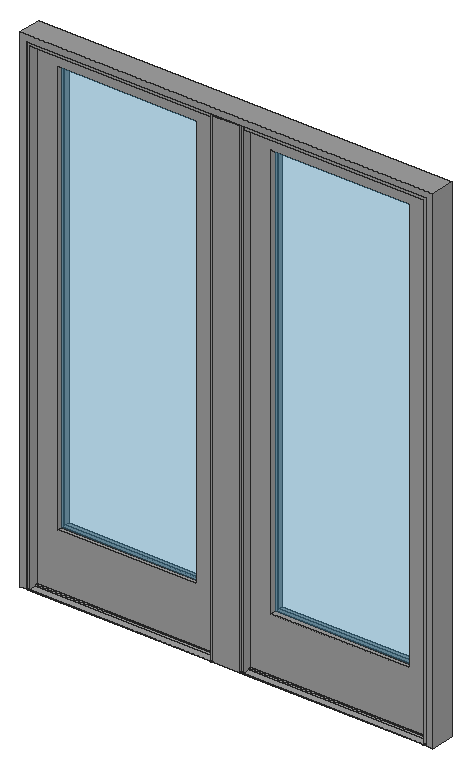
Revit family "AD-375 DOOR-Double-1-5.25 CJB-CW_v04", category Curtain Panels, Revit 2015
Parameters
  Width [instance] = 6' - 2"
  URL = "obe.com"
  Rough Width [instance] = 6' - 7 3/4"
  Panel Width [instance] = Min Panel Width  # 6' - 5 1/4"
  Panel Offset [instance] = 0' - 0"
  Offset [instance] = 0' - 1"
  Model = "AD-375 DOOR"
  Min Rough Width [instance] = if(Rough Width > 6' 7 3/4", Rough Width, 6' 7 3/4")  # 6' - 7 3/4"
  Min Panel Width [instance] = if(Rough Width > 6' 7 3/4", Rough Width - 0' 2 1/2", 6' 5 1/4")  # 6' - 5 1/4"
  Manufacturer = "Oldcastle BuildingEnvelope®"
  Keynote = "08 11 00"
  Hinge [instance] = yes
  Height [instance] = 8' - 0"
  Glass Material = Glass
  Frame Material = Aluminum
  Door Panel Height [instance] = Height - 0' 0 85/128"  # 7' - 11 43/128"
  Description = "AD-375 - 1\" Door Infill"
  Assembly Code = "B2030"
  Analytic Construction = "<None>"
  6 Bottom Rail [instance] = no
  10 Bottom Rail [instance] = not([6 Bottom Rail])  # yes
Reference planes (in)
  plane 1 "Front": y = 0
  plane 2: z = 0
  plane 3 "Center (Left/Right)": x = 0
  plane 4 "Left": x = -37
  plane 5 "Right": x = 37
  plane 6 "Top": z = 96
  plane 7 "Offset": y = -1
  plane 8: x = -39.875
  plane 9: x = 39.875
Forms (in)
  Sweep 1, solid, material "Aluminum" <- "Frame Material"
    path origin (0, -1, 0) x (-1, 0, 0) y (0, 0, 1)
      loop
        line (-39.875, 96) -> (-39.875, 0)
    profile origin (39.875, -1, 48) x (0, 1, 0) y (-1, 0, 0)
      loop
        line (0, 0) -> (0, 1.25) -> (-2.7624, 1.25) -> (-2.7624, 1.812) -> (-4.3574, 1.812) -> (-4.3574, 1.25) -> (-4.50055, 1.25) -> (-4.50055, 0) -> (0, 0)
  Sweep 2, solid, material "Aluminum" <- "Frame Material"
    path origin (0, -1, 0) x (-1, 0, 0) y (0, 0, 1)
      loop
        line (39.875, 96) -> (39.875, 0)
    profile origin (-39.875, -1, 48) x (0, 1, 0) y (-1, 0, 0)
      loop
        line (0, 0) -> (-4.50055, 0) -> (-4.50055, -1.25) -> (-4.3574, -1.25) -> (-4.3574, -1.812) -> (-2.7624, -1.812) -> (-2.7624, -1.25) -> (0, -1.25) -> (0, 0)
  Sweep 3, solid, material "Aluminum" <- "Frame Material"
    path origin (0, -1, 0) x (-1, 0, 0) y (0, 0, 1)
      loop
        line (39.875, 96) -> (-39.875, 96)
    profile origin (0, -1, 96) x (0, 0, -1) y (0, 1, 0)
      loop
        line (1.25, 0) -> (0, 0) -> (0, -4.50055) -> (1.25, -4.50055) -> (1.25, -4.3574) -> (1.812, -4.3574) -> (1.812, -2.7624) -> (1.25, -2.7624) -> (1.25, 0)
Cuts and joins
  joined: Sweep 1, Sweep 2, Sweep 3
Text (in)
  text "Exterior" at (-54.29358, 31.38743, 0), in view "Ref. Level"
  text "Exterior" at (480, 41.53993, 89.60405), in view "Right"
  text "Exterior" at (-240, 57.82419, 105.78864), in view "Left"
Dimensions and locks (in)
  equal spacing: plane 4 "Left", plane 3 "Center (Left/Right)", plane 5 "Right"
  "Width": plane 4 "Left" to plane 5 "Right"
  "Height": plane 6 "Top" to plane 2
  "Offset": plane 7 "Offset" to plane 1 "Front"
  equal spacing: plane 8, plane 3 "Center (Left/Right)", plane 9
  "Min Rough Width": plane 8 to plane 9
  aligned and locked: level to plane 2
  aligned and locked: plane 3 "Center (Left/Right)" to nested 1
  aligned and locked: nested 1 to plane 7 "Offset"
  aligned and locked: plane 2 to Sweep 1 sketch curve
  aligned and locked: plane 6 "Top" to Sweep 1 sketch curve
  aligned and locked: plane 2 to Sweep 2 sketch curve
  aligned and locked: plane 6 "Top" to Sweep 2 sketch curve
  aligned and locked: plane 6 "Top" to Sweep 3 sketch curve
  aligned and locked: Sweep 1 sketch curve to plane 9
  aligned and locked: plane 8 to Sweep 2 sketch curve
  aligned and locked: plane 9 to Sweep 3 sketch curve
  aligned and locked: plane 8 to Sweep 3 sketch curve
Automatic sketch dimensions
  Sweep 2 sketch curve to Sweep 2 sketch curve = 0' - 0.14315"
  Sweep 2 sketch curve to Sweep 2 sketch curve = 0' - 1.595"
  profile plane to Sweep 2 sketch curve = 0' - 1 1/4"  (x2)
  Sweep 2 sketch curve to Sweep 2 sketch curve = 0' - 2.7624"
  Sweep 2 sketch curve to Sweep 2 sketch curve = 0' - 0.562"
  Sweep 2 sketch curve to plane 7 "Offset" = 0' - 0"
  Sweep 2 sketch curve to profile plane = 0' - 0"
  Sweep 1 sketch curve to profile plane = 0' - 1.812"
  profile plane to Sweep 1 sketch curve = 0' - 0"
  Sweep 1 sketch curve to plane 7 "Offset" = 0' - 4.50055"
  Sweep 1 sketch curve to Sweep 1 sketch curve = 0' - 0.14315"
  Sweep 1 sketch curve to Sweep 1 sketch curve = 0' - 1.595"
  Sweep 1 sketch curve to profile plane = 0' - 1 1/4"  (x2)
  Sweep 1 sketch curve to Sweep 1 sketch curve = 0' - 2.7624"
  Sweep 3 sketch curve to profile plane = 0' - 1.812"
  Sweep 3 sketch curve to profile plane = 0' - 1 1/4"  (x2)
  Sweep 3 sketch curve to Sweep 3 sketch curve = 0' - 1 1/4"
  Sweep 3 sketch curve to plane 7 "Offset" = 0' - 4.50055"
  Sweep 3 sketch curve to Sweep 3 sketch curve = 0' - 0.14315"
  Sweep 3 sketch curve to Sweep 3 sketch curve = 0' - 1.595"
  Sweep 3 sketch curve to Sweep 3 sketch curve = 0' - 2.7624"
Nested families (in)
  nested 1: "AD-375 DOOR-Double-1-5.25 CJB-Panel_v03" at (0, -21, 0), Frame Material <- "Frame Material", Glass Material <- "Glass Material", Hinge <- "Hinge", 6 Bottom Rail <- "6 Bottom Rail", Height <- "Door Panel Height", Width <- "Min Panel Width", Offset <- "Panel Offset", type "AD-375 DOOR-Double-1-Panel"
    with Wing Width 3' - 2 5/8", built-in parameter 1001301 6' - 5 1/4", Offset 0' - 0", Hinge yes, built-in parameter 1001300 7' - 11 43/128", Glass Material Glass, Frame Material Aluminum, Bottom Rail 0' - 10 19/32", 6 Bottom Rail no, 10 Bottom Rail yes
Definition of nested family "AD-375 DOOR-Double-1-5.25 CJB-Panel_v03"
  Parameters (values of type "AD-375 DOOR-Double-1-Panel")
    Wing Width [instance] = Width / 2  # 3' - 0"
    Width [instance] = 6' - 0"
    Offset [instance] = 0' - 11"
    Hinge [instance] = yes
    Height [instance] = 8' - 0"
    Glass Material [instance] = none
    Frame Material [instance] = none
    Bottom Rail [instance] = if([10 Bottom Rail], 0' 10 19/32", 0' 6 19/32")  # 0' - 6 19/32"
    6 Bottom Rail [instance] = yes
    10 Bottom Rail [instance] = not([6 Bottom Rail])  # no
  Reference planes (in)
    plane 1 "00": y = 7.5563
    plane 2: z = 0
    plane 3 "Center (Left/Right)": x = 0
    plane 4: z = 96
    plane 5: x = -36
    plane 6: x = 36
    plane 7 "Center (Front/Back)": y = 20
    plane 8 "Exterior": y = 8.0563
    plane 9: z = 48
    plane 10: z = 6.59375
    plane 11: z = 92.46875
    plane 12: z = 0
    plane 13: x = -31.84147
    plane 14: x = 31.82129
    plane 15: y = 9
  Forms (in)
    Sweep 1, solid, material <- "Frame Material"
      path origin (0, 7.5563, 0) x (1, 0, 0) y (0, 0, 1)
        loop
          line (-31.84147, 96) -> (-2.625, 96)
      profile origin (-17.23323, 7.5563, 96) x (0, 0, 1) y (0, -1, 0)
        loop
          line (-0.71875, -1.2884) -> (-0.71875, 1.3187) -> (-3.96875, 1.3187) -> (-3.96875, 0.5) -> (-3.53125, 0.5) -> (-3.53125, -0.5) -> (-3.96875, -0.5) -> (-3.96875, -1.2884) -> (-0.71875, -1.2884)
    Sweep 2, solid, material <- "Frame Material"
      path origin (0, 7.5563, 0) x (1, 0, 0) y (0, 0, 1)
        loop
          line (-3.187, 0) -> (-35.70353, 0)
      profile origin (-19.44526, 7.5563, 0) x (0, 0, -1) y (0, -1, 0)
        loop
          line (-2.62093, -1.2884) -> (-0.375, -1.2884) -> (-0.375, 1.3187) -> (-2.62093, 1.3187) -> (-7.125, 1.3187) -> (-7.125, 0.5) -> (-6.59375, 0.5) -> (-6.59375, -0.5) -> (-7.125, -0.5) -> (-7.125, -1.2884) -> (-2.62093, -1.2884)
    Sweep 3, solid, material <- "Frame Material"
      path origin (0, 7.5563, 0) x (1, 0, 0) y (0, 0, 1)
        loop
          line (36, 95.28125) -> (36, 0.375)
      profile origin (36, 7.5563, 47.82812) x (0, -1, 0) y (1, 0, 0)
        loop
          line (-1.28913, -0.43321) -> (-1.28913, -4.61621) -> (-0.5, -4.61621) -> (-0.5, -4.17871) -> (0.5, -4.17871) -> (0.5, -4.61621) -> (1.31797, -4.61621) -> (1.31797, -0.32321) -> (-1.35373, -0.32321) -> (-1.35373, -0.43321) -> (-1.28913, -0.43321)
    Sweep 4, solid, material <- "Frame Material"
      path origin (0, 7.5563, 0) x (1, 0, 0) y (0, 0, 1)
        loop
          line (-36, 95.28125) -> (-36, 0.375)
      profile origin (-36, 7.5563, 47.82812) x (0, -1, 0) y (1, 0, 0)
        loop
          line (-1.2884, 4.59603) -> (-1.2884, 0.40647) -> (-1.35373, 0.40647) -> (-1.35373, 0.29647) -> (1.31797, 0.29647) -> (1.31797, 4.59603) -> (0.5, 4.59603) -> (0.5, 4.15853) -> (-0.5, 4.15853) -> (-0.5, 4.59603) -> (-1.2884, 4.59603)
    Sweep 5, solid, material <- "Frame Material"
      path origin (0, 7.5563, 0) x (1, 0, 0) y (0, 0, 1)
        loop
          line (0, 95.28125) -> (0, 0.375)
      profile origin (0, 7.5563, 47.82812) x (0, -1, 0) y (1, 0, 0)
        loop
          line (-1.2884, -7.21871) -> (-0.5, -7.21871) -> (-0.5, -6.78121) -> (0.5, -6.78121) -> (0.5, -7.21871) -> (1.31797, -7.21871) -> (1.31797, -2.62156) -> (-1.2884, -2.62156) -> (-1.2884, -7.21871)
        loop
          line (1.31797, 7.21871) -> (0.5, 7.21871) -> (0.5, 6.78121) -> (-0.5, 6.78121) -> (-0.5, 7.21871) -> (-1.28913, 7.21871) -> (-1.28913, 2.6248) -> (1.31797, 2.6248) -> (1.31797, 7.21871)
    Sweep 6, solid, material <- "Frame Material"
      path origin (0, 7.5563, 0) x (1, 0, 0) y (0, 0, 1)
        loop
          line (2.625, 96) -> (31.82129, 96)
      profile origin (17.22314, 7.5563, 96) x (0, 0, 1) y (0, -1, 0)
        loop
          line (-0.71875, -1.2884) -> (-0.71875, 1.3187) -> (-2.30843, 1.3187) -> (-3.96875, 1.3187) -> (-3.96875, 0.5) -> (-3.53125, 0.5) -> (-3.53125, -0.5) -> (-3.96875, -0.5) -> (-3.96875, -1.2884) -> (-2.30843, -1.2884) -> (-0.71875, -1.2884)
    Sweep 7, solid, material <- "Frame Material"
      path origin (0, 7.5563, 0) x (1, 0, 0) y (0, 0, 1)
        loop
          line (35.67679, 0) -> (3.187, 0)
      profile origin (19.4319, 7.5563, 0) x (0, 0, -1) y (0, -1, 0)
        loop
          line (-3.49593, -1.2884) -> (-0.375, -1.2884) -> (-0.375, 1.3187) -> (-7.125, 1.3187) -> (-7.125, 0.5) -> (-6.59375, 0.5) -> (-6.59375, -0.5) -> (-7.125, -0.5) -> (-7.125, -1.2884) -> (-3.49593, -1.2884)
    Extrusion 8, solid, material <- "Glass Material", detail levels medium+fine
      sketch origin (0, 0, 0) x (1, 0, 0) y (0, 1, 0)
        loop
          line (6.78121, 8.0563) -> (6.78121, 7.8083) -> (31.82129, 7.8083) -> (31.82129, 8.0563) -> (6.78121, 8.0563)
        loop
          line (31.82129, 7.0563) -> (31.82129, 7.3043) -> (6.78121, 7.3043) -> (6.78121, 7.0563) -> (31.82129, 7.0563)
      from 6.59375 to 92.46875
    Extrusion 9, solid, material <- "Glass Material", detail levels coarse
      sketch origin (0, 0, 0) x (1, 0, 0) y (0, 1, 0)
        loop
          line (6.78121, 8.0563) -> (6.78121, 7.0563) -> (31.82129, 7.0563) -> (31.82129, 8.0563) -> (6.78121, 8.0563)
      from 6.59375 to 92.46875
    Extrusion 10, solid, material <- "Glass Material", detail levels coarse
      sketch origin (0, 0, 0) x (1, 0, 0) y (0, 1, 0)
        loop
          line (-31.84147, 8.0563) -> (-31.84147, 7.0563) -> (-6.78121, 7.0563) -> (-6.78121, 8.0563) -> (-31.84147, 8.0563)
      from 6.59375 to 92.46875
    Extrusion 11, solid, material <- "Glass Material", detail levels medium+fine
      sketch origin (0, 0, 0) x (1, 0, 0) y (0, 1, 0)
        loop
          line (-31.84147, 8.0563) -> (-31.84147, 7.8083) -> (-6.78121, 7.8083) -> (-6.78121, 8.0563) -> (-31.84147, 8.0563)
        loop
          line (-31.84147, 7.3043) -> (-31.84147, 7.0563) -> (-6.78121, 7.0563) -> (-6.78121, 7.3043) -> (-31.84147, 7.3043)
      from 6.59375 to 92.46875
    Sweep 12, solid, material <- "Frame Material"
      path origin (0, 7.5563, 0) x (1, 0, 0) y (0, 0, 1)
        loop
          line (0, 95.28125) -> (0, 0)
      profile origin (0, 7.5563, 47.64062) x (0, -1, 0) y (1, 0, 0)
        loop
          line (-1.4437, -2.625) -> (1.3187, -2.625) -> (1.3187, -3.187) -> (2.9137, -3.187) -> (2.9137, -2.625) -> (3.0573, -2.625) -> (3.0573, 2.625) -> (2.9137, 2.625) -> (2.9137, 3.187) -> (1.3187, 3.187) -> (1.3187, 2.625) -> (-1.4437, 2.625) -> (-1.4437, -2.625)
    Sweep 13, solid, material <- "Frame Material"
      path origin (0, 7.5563, 0) x (1, 0, 0) y (0, 0, 1)
        loop
          line (35.67679, 0) -> (2.625, 0)
      profile origin (19.1509, 7.5563, 0) x (0, 0, -1) y (0, -1, 0)
        loop
          line (-0.256, -0.69426) -> (-0.1262, -1.33799)
          arc (-0.1262, -1.33799) -> (-0.07849, -1.40969) -> (0, -1.44514) r 0.156
          line (0, -1.44514) -> (0, 3.05585) -> (-0.06628, 3.05585)
          arc (-0.06628, 3.05585) -> (-0.08866, 3.04745) -> (-0.09997, 3.0264) r 0.034
          line (-0.09997, 3.0264) -> (-0.256, 1.86985) -> (-0.506, 1.73385) -> (-0.506, 1.3187) -> (-0.256, 1.3187) -> (-0.256, -0.69426)
    Sweep 14, solid, material <- "Frame Material"
      path origin (0, 7.5563, 0) x (1, 0, 0) y (0, 0, 1)
        loop
          line (-2.625, 0) -> (-35.70353, 0)
      profile origin (-19.16426, 7.5563, 0) x (0, 0, -1) y (0, -1, 0)
        loop
          line (-0.256, -0.69426) -> (-0.1262, -1.33799)
          arc (-0.1262, -1.33799) -> (-0.07849, -1.40969) -> (0, -1.44514) r 0.156
          line (0, -1.44514) -> (0, 3.05585) -> (-0.06628, 3.05585)
          arc (-0.06628, 3.05585) -> (-0.08866, 3.04745) -> (-0.09997, 3.0264) r 0.034
          line (-0.09997, 3.0264) -> (-0.256, 1.86985) -> (-0.506, 1.73385) -> (-0.506, 1.3187) -> (-0.256, 1.3187) -> (-0.256, -0.69426)
  Cuts and joins
    joined: Sweep 1, Sweep 2, Sweep 3, Sweep 4, Sweep 5, Sweep 6, Sweep 7
  Lines and regions (in)
    model lines
      curve 1: line (6.78121, 8.0563, 92.46875) -> (31.38379, 8.0563, 48.02216)
      curve 2: line (31.38379, 8.0563, 48.02216) -> (6.78121, 8.0563, 6.59375)
      curve 3: line (-6.78121, 8.0563, 92.46875) -> (-31.40397, 8.0563, 48)
      curve 4: line (-31.40397, 8.0563, 48) -> (-6.78121, 8.0563, 6.60098)
  Dimensions and locks (in)
    "Height": plane 4 to level
    equal spacing: plane 5, plane 3 "Center (Left/Right)", plane 6
    "Offset": plane 15 to plane 7 "Center (Front/Back)"
    plane 1 "00" to plane 8 "Exterior" to plane 15 = 0' - 0 1/2" locked, 0' - 0.9437" locked
    equal spacing: level, plane 9, plane 4
    locked: plane 3 "Center (Left/Right)" to Sweep 2 sketch curve at 3.187
    locked: Sweep 3 sketch curve to plane 4 at 0.71875
    locked: Sweep 4 sketch curve to plane 4 at 0.71875
    locked: plane 3 "Center (Left/Right)" to Sweep 1 sketch curve at 2.625
    locked: Sweep 6 sketch curve to plane 3 "Center (Left/Right)" at 2.625
    locked: Sweep 5 sketch curve to plane 4 at 0.71875
    locked: Sweep 7 sketch curve to plane 10 at 0.53125  (x2)
    locked: Sweep 2 sketch curve to plane 10 at 0.53125  (x2)
    equal spacing: plane 4, plane 9, plane 12
    locked: plane 4 to plane 11 at 3.53125
    Extrusion 11 sketch curve to Extrusion 11 sketch curve to plane 1 "00" to Extrusion 11 sketch curve to Extrusion 11 sketch curve = 0' - 0.248" locked, 0' - 0.252" locked, 0' - 0.252" locked, 0' - 0.248" locked
    Extrusion 10 sketch curve to plane 1 "00" to Extrusion 10 sketch curve = 0' - 0 1/2" locked, 0' - 0 1/2" locked
    Extrusion 9 sketch curve to plane 1 "00" to Extrusion 9 sketch curve = 0' - 0 1/2" locked, 0' - 0 1/2" locked
    Extrusion 8 sketch curve to Extrusion 8 sketch curve to plane 1 "00" to Extrusion 8 sketch curve to Extrusion 8 sketch curve = 0' - 0.248" locked, 0' - 0.252" locked, 0' - 0.252" locked, 0' - 0.248" locked
    "Bottom Rail": plane 10 to plane 12
    plane 3 "Center (Left/Right)" to Extrusion 8 sketch curve = 0' - 6.78121"  (x2)
    "Width": plane 5 to plane 6
    locked: plane 6 to Sweep 7 sketch curve at 0.32321
    locked: Sweep 2 sketch curve to plane 5 at 0.29647
    locked: Sweep 7 sketch curve to plane 3 "Center (Left/Right)" at 3.187
    locked: plane 14 to plane 6 at 4.17871
    locked: plane 5 to plane 13 at 4.15853
    locked: plane 4 to Sweep 12 sketch curve at 0.71875
    locked: plane 6 to Sweep 13 sketch curve at 0.32321
    locked: Sweep 13 sketch curve to plane 3 "Center (Left/Right)" at 2.625
    locked: Sweep 14 sketch curve to plane 5 at 0.29647
    locked: plane 3 "Center (Left/Right)" to Sweep 14 sketch curve at 2.625
    locked: plane 12 to Sweep 3 sketch curve at 0.375
    locked: plane 12 to Sweep 5 sketch curve at 0.375
    locked: plane 12 to Sweep 4 sketch curve at 0.375
    aligned and locked: plane 2 to level
    aligned and locked: Sweep 1 sketch curve to plane 4
    aligned and locked: Sweep 2 sketch curve to level
    aligned and locked: plane 3 "Center (Left/Right)" to Sweep 5 sketch curve
    aligned and locked: Sweep 7 sketch curve to level
    aligned and locked: plane 4 to Sweep 6 sketch curve
    aligned and locked: plane 11 to Extrusion 8
    aligned and locked: plane 11 to Extrusion 9
    aligned and locked: Sweep 6 sketch curve to plane 11
    aligned and locked: plane 10 to Sweep 2 sketch curve
    aligned and locked: Sweep 1 sketch curve to plane 11
    aligned and locked: plane 9 to curve 4
    aligned and locked: Extrusion 8 to plane 10
    aligned and locked: Extrusion 9 to plane 10
    aligned and locked: Sweep 4 sketch curve to plane 5
    aligned and locked: Sweep 3 sketch curve to plane 6
    aligned and locked: plane 14 to Extrusion 9
    aligned and locked: plane 14 to Extrusion 8  (x2)
    aligned and locked: Sweep 12 sketch curve to plane 3 "Center (Left/Right)"
    aligned and locked: plane 12 to Sweep 12 sketch curve
    aligned and locked: plane 14 to Sweep 6 sketch curve
    aligned and locked: Extrusion 11 to plane 10
    aligned and locked: Extrusion 10 to plane 10
    aligned and locked: plane 11 to Extrusion 11
    aligned and locked: plane 11 to Extrusion 10
    aligned and locked: plane 13 to Sweep 1 sketch curve
    aligned and locked: Sweep 13 sketch curve to plane 12
    aligned and locked: Sweep 14 sketch curve to plane 12
  Automatic sketch dimensions
    Sweep 3 sketch curve to plane 1 "00" = 0' - 1.35373"
    Sweep 3 sketch curve to Sweep 3 sketch curve = 0' - 0.0646"
    Sweep 3 sketch curve to plane 1 "00" = 0' - 0 1/2"
    plane 1 "00" to Sweep 3 sketch curve = 0' - 0 1/2"
    plane 1 "00" to Sweep 3 sketch curve = 0' - 1.31797"
    profile plane to Sweep 3 sketch curve = 0' - 4.61621"
    Sweep 3 sketch curve to Sweep 3 sketch curve = 0' - 0"
    Sweep 3 sketch curve to Sweep 3 sketch curve = 0' - 0 7/16"
    profile plane to Sweep 3 sketch curve = 0' - 0.43321"
    profile plane to Sweep 3 sketch curve = 0' - 0.32321"
    Sweep 4 sketch curve to plane 1 "00" = 0' - 1.35373"
    Sweep 4 sketch curve to Sweep 4 sketch curve = 0' - 0.06533"
    Sweep 4 sketch curve to plane 1 "00" = 0' - 0 1/2"
    plane 1 "00" to Sweep 4 sketch curve = 0' - 0 1/2"
    Sweep 4 sketch curve to Sweep 4 sketch curve = 0' - 0.81797"
    Sweep 4 sketch curve to profile plane = 0' - 0.29647"
    Sweep 4 sketch curve to Sweep 4 sketch curve = 0' - 0.11"
    Sweep 4 sketch curve to Sweep 4 sketch curve = 0' - 3.75206"
    Sweep 4 sketch curve to Sweep 4 sketch curve = 0' - 0 7/16"  (x2)
    Sweep 5 sketch curve to plane 1 "00" = 0' - 1.2884"
    Sweep 5 sketch curve to profile plane = 0' - 2.6248"
    Sweep 5 sketch curve to plane 1 "00" = 0' - 0 1/2"  (x2)
    plane 1 "00" to Sweep 5 sketch curve = 0' - 0 1/2"  (x2)
    plane 1 "00" to Sweep 5 sketch curve = 0' - 1.31797"
    Sweep 5 sketch curve to Sweep 5 sketch curve = 0' - 0"
    profile plane to Sweep 5 sketch curve = 0' - 2.62156"
    Sweep 5 sketch curve to Sweep 5 sketch curve = 0' - 0 7/16"  (x4)
    Sweep 5 sketch curve to Sweep 5 sketch curve = 0' - 4.15641"
    Sweep 7 sketch curve to Sweep 7 sketch curve = 0' - 0 17/32"
    Sweep 7 sketch curve to plane 1 "00" = 0' - 1.2884"
    profile plane to Sweep 7 sketch curve = 0' - 3.49593"
    Sweep 7 sketch curve to plane 1 "00" = 0' - 0 1/2"
    plane 1 "00" to Sweep 7 sketch curve = 0' - 0 1/2"
    plane 1 "00" to Sweep 7 sketch curve = 0' - 1.3187"
    Sweep 6 sketch curve to Sweep 6 sketch curve = 0' - 0 7/16"  (x2)
    Sweep 6 sketch curve to Sweep 6 sketch curve = 0' - 1.22282"  (x2)
    profile plane to Sweep 6 sketch curve = 0' - 0 23/32"
    Sweep 6 sketch curve to plane 1 "00" = 0' - 1.2884"
    Sweep 6 sketch curve to plane 1 "00" = 0' - 0 1/2"
    plane 1 "00" to Sweep 6 sketch curve = 0' - 0 1/2"
    plane 1 "00" to Sweep 6 sketch curve = 0' - 1.3187"
    Sweep 2 sketch curve to plane 1 "00" = 0' - 1.2884"
    Sweep 2 sketch curve to Sweep 2 sketch curve = 0' - 3.97282"
    Sweep 2 sketch curve to Sweep 2 sketch curve = 0' - 0"
    Sweep 2 sketch curve to plane 1 "00" = 0' - 0 1/2"
    plane 1 "00" to Sweep 2 sketch curve = 0' - 0 1/2"
    plane 1 "00" to Sweep 2 sketch curve = 0' - 1.3187"
    Sweep 1 sketch curve to Sweep 1 sketch curve = 0' - 0 7/16"  (x2)
    profile plane to Sweep 1 sketch curve = 0' - 0 23/32"
    Sweep 1 sketch curve to plane 1 "00" = 0' - 1.2884"
    Sweep 1 sketch curve to plane 1 "00" = 0' - 0 1/2"
    plane 1 "00" to Sweep 1 sketch curve = 0' - 0 1/2"
    plane 1 "00" to Sweep 1 sketch curve = 0' - 1.3187"
    plane 5 to Extrusion 10 sketch curve = 0' - 4.15853"
    plane 5 to Extrusion 11 sketch curve = 0' - 4.15853"
    Extrusion 11 sketch curve to Extrusion 11 sketch curve = 0' - 0"  (x2)
    Extrusion 8 sketch curve to plane 6 = 0' - 4.17871"
    Extrusion 8 sketch curve to Extrusion 8 sketch curve = 0' - 0"
    Extrusion 9 sketch curve to plane 6 = 0' - 4.17871"
    plane 1 "00" to Sweep 12 sketch curve = 0' - 1.3187"  (x2)
    Sweep 12 sketch curve to Sweep 12 sketch curve = 0' - 1.595"  (x2)
    Sweep 12 sketch curve to Sweep 12 sketch curve = 0' - 0.1436"
    profile plane to Sweep 12 sketch curve = 0' - 3.187"
    Sweep 12 sketch curve to Sweep 12 sketch curve = 0' - 0.562"  (x3)
    Sweep 12 sketch curve to profile plane = 0' - 2 5/8"  (x2)
    Sweep 12 sketch curve to plane 1 "00" = 0' - 1.4437"
    Sweep 5 sketch curve to Sweep 5 sketch curve = 0' - 0.00073"
    Sweep 5 sketch curve to Sweep 5 sketch curve = 0' - 4.15965"
    Extrusion 11 sketch curve to plane 3 "Center (Left/Right)" = 0' - 6.78121"
    Extrusion 10 sketch curve to plane 3 "Center (Left/Right)" = 0' - 6.78121"
    plane 3 "Center (Left/Right)" to Extrusion 9 sketch curve = 0' - 6.78121"
    curve 3 to plane 11 = 0' - 0"
    curve 2 to plane 10 = 0' - 0"
    curve 1 to plane 11 = 0' - 0"
    plane 13 to curve 4 = 0' - 0 7/16"
    plane 9 to curve 2 = 0' - 0.02216"
    curve 2 to plane 14 = 0' - 0 7/16"
    curve 3 to plane 3 "Center (Left/Right)" = 0' - 6.78121"
    plane 10 to curve 4 = 0' - 0.00723"
    curve 4 to plane 3 "Center (Left/Right)" = 0' - 6.78121"
    plane 3 "Center (Left/Right)" to curve 2 = 0' - 6.78121"
    plane 3 "Center (Left/Right)" to curve 1 = 0' - 6.78121"
    profile plane to Sweep 2 sketch curve = 0' - 0 3/8"
    profile plane to Sweep 7 sketch curve = 0' - 0 3/8"
    profile plane to Sweep 13 sketch curve = 0' - 0.256"  (x2)
    plane 1 "00" to Sweep 13 sketch curve = 0' - 1.3187"
    Sweep 13 sketch curve to Sweep 13 sketch curve = 0' - 0 1/4"
    Sweep 13 sketch curve to plane 1 "00" = 0' - 0.69426"
    Sweep 13 sketch curve to Sweep 13 sketch curve = 0' - 0.41515"
    Sweep 13 sketch curve to Sweep 13 sketch curve = 0' - 0.136"
    profile plane to Sweep 13 sketch curve = 0' - 0.09997"
    Sweep 13 sketch curve to Sweep 13 sketch curve = 0' - 1.15655"
    Sweep 13 sketch curve to Sweep 13 sketch curve = 0' - 0.03369"
    Sweep 13 sketch curve to Sweep 13 sketch curve = 0' - 0.00455"
    Sweep 13 sketch curve to Sweep 13 sketch curve = 0' - 0.75089"
    Sweep 13 sketch curve to profile plane = 0' - 0.02248"
    profile plane to Sweep 13 sketch curve = 0' - 0.1262"
    Sweep 13 sketch curve to Sweep 13 sketch curve = 0' - 0.15437"
    Sweep 13 sketch curve to profile plane = 0' - 0"
    profile plane to Sweep 14 sketch curve = 0' - 0.256"  (x2)
    plane 1 "00" to Sweep 14 sketch curve = 0' - 1.3187"
    Sweep 14 sketch curve to Sweep 14 sketch curve = 0' - 0 1/4"
    Sweep 14 sketch curve to plane 1 "00" = 0' - 0.69426"
    Sweep 14 sketch curve to Sweep 14 sketch curve = 0' - 0.41515"
    Sweep 14 sketch curve to Sweep 14 sketch curve = 0' - 0.136"
    profile plane to Sweep 14 sketch curve = 0' - 0.09997"
    Sweep 14 sketch curve to Sweep 14 sketch curve = 0' - 1.15655"
    Sweep 14 sketch curve to Sweep 14 sketch curve = 0' - 0.03369"
    Sweep 14 sketch curve to Sweep 14 sketch curve = 0' - 0.00455"
    profile plane to Sweep 14 sketch curve = 0' - 0.1262"
    Sweep 14 sketch curve to profile plane = 0' - 0.02248"
    Sweep 14 sketch curve to profile plane = 0' - 0"
    Sweep 14 sketch curve to Sweep 14 sketch curve = 0' - 0.59651"
    Sweep 14 sketch curve to Sweep 14 sketch curve = 0' - 0.04722"
